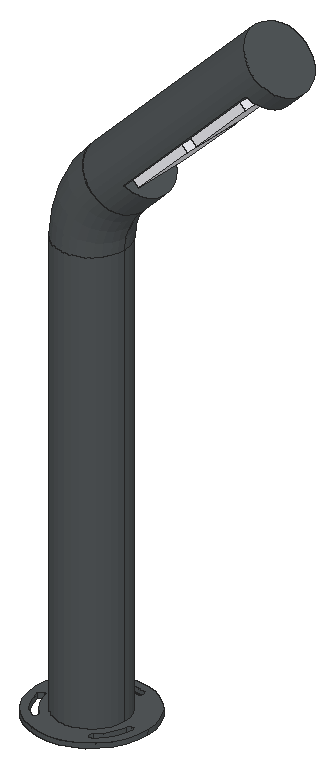
Revit family "Дио_мини", category Осветительные приборы, Revit 2019 (continued)
Parameters (values of type "ДТУ932 Светодиодный светильник Дио мини ДТУ-93-AF-12Вт-0,9")
    .4 406.4 408.2 409.5 410.7 411.8 412.1 411.6 410.4 408.7 407.2 404.8 401.8 398.5 395.4\r\n 392.1 388.8 385.6 382.0 377.8 372.6 366.9 361.1 355.4 348.8 341.9 334.3 327.0 320.3 313.9 306.9 298.5 288.1 275.5 261.2 249.0\r\n 237.1 224.4 210.5 196.2 181.5 164.2 146.0 127.6 109.0 91.7 75.9 62.0 49.7 40.4 33.2 27.9 24.5 21.8 19.5 17.7 15.9 14.5 13.2 11.8\r\n 10.3 9.2 8.5 8.0 7.4 6.7 6.1 5.8 5.5 5.0 4.7 4.3 4.0 3.8 3.6 3.3 3.0 2.9 2.9 2.9 2.9 2.9 2.9 2.9 2.9 2.9 2.9 2.9 2.9 2.5 0.2 0.0\r\n 0.0 0.0 0.0 0.0 0.0 0.0 0.0 0.0 0.0 0.0 0.0 0.0 0.0 0.0 0.0 0.0 0.0 0.0 0.0 0.0 0.0 0.0 0.0 0.0 0.0 0.0 0.0 0.0 0.0 0.0 0.0 0.0\r\n 0.0 0.0 0.0 0.0 0.0 0.0 0.0 0.0 0.0 0.0 0.0 0.0 0.0 0.0 0.0 0.0 0.0 0.0 0.0 0.0 0.0 0.0 0.0 0.0 0.0 0.0 0.0 0.0 0.0 0.0 0.0 0.0\r\n 0.0 0.0 0.0 0.0 0.0 0.0 0.0 0.0 0.0 0.0 0.0 0.0 0.0 0.0 0.0 0.0 0.0 0.0 0.0 0.0 0.0 0.0 0.0 0.0 0.0 0.0 0.0 0.0 0.0 0.0 0.0 0.0\r\n 0.0 0.0 0.0 0.0 0.0 0.0 0.0 0.0 0.0 0.0 0.0 0.0 0.0 0.0 0.0 0.0 0.0 0.0 0.0 0.0 0.0 0.0 0.0 0.0 0.0 0.0 0.0 0.0 0.0 0.0 0.0 0.0\r\n 0.0 0.0 0.0 0.0 0.0 0.0 0.0 0.0 0.0 0.0 0.0 0.0 0.0 0.0 0.0 0.0 0.0 0.0 0.0 0.0 0.0 0.0 0.0 0.0 0.0 0.0 0.0 0.0 0.0 0.0\r\n258.3 258.5 258.5 258.5 258.6 258.6 258.7 258.7 258.6 258.6 258.5 258.3 258.3 258.2 258.1 258.0 257.9 257.8 257.6 257.4 257.3\r\n 257.2 257.1 257.1 257.1 257.0 257.0 256.9 256.9 257.0 257.0 257.0 256.9 257.0 257.2 257.4 257.6 258.0 258.2 258.5 259.0 259.4\r\n 259.8 260.4 261.0 261.8 262.4 263.1 263.7 264.5 265.2 265.8 266.5 267.3 268.2 269.1 270.1 270.9 271.7 272.6 273.6 274.6 275.7\r\n 276.8 278.0 279.2 280.5 281.9 283.3 284.8 286.3 287.8 289.3 290.8 292.5 294.1 295.7 297.3 298.8 300.6 302.3 304.3 306.4 308.8\r\n 311.6 314.8 318.2 321.5 324.4 327.3 329.5 331.5 333.2 334.7 336.3 338.0 340.1 342.6 345.1 347.7 350.3 353.0 355.6 358.3 361.0\r\n 363.7 366.1 368.4 370.3 372.1 373.4 374.5 375.3 375.7 376.2 377.1 378.1 379.1 379.5 379.2 378.2 377.0 375.7 374.0 371.8 369.3\r\n 366.6 364.0 361.4 358.4 354.9 350.3 344.8 338.8 333.5 328.6 323.1 316.9 310.2 304.0 297.3 289.7 280.8 270.1 257.5 245.8 235.6\r\n 225.3 214.0 201.1 186.4 170.0 152.4 133.6 115.0 98.3 81.8 65.6 52.3 41.5 32.9 26.5 21.9 18.7 16.5 14.8 13.4 12.3 11.4 10.4 9.4\r\n 8.5 7.8 7.4 7.1 6.6 6.2 5.8 5.5 5.2 4.9 4.6 4.3 4.1 3.9 3.7 3.4 3.1 3.0 3.0 3.0 3.0 3.0 3.0 3.0 3.1 3.1 3.0 3.0 3.0 2.4 0.5 0.0\r\n 0.0 0.0 0.0 0.0 0.0 0.0 0.0 0.0 0.0 0.0 0.0 0.0 0.0 0.0 0.0 0.0 0.0 0.0 0.0 0.0 0.0 0.0 0.0 0.0 0.0 0.0 0.0 0.0 0.0 0.0 0.0 0.0\r\n 0.0 0.0 0.0 0.0 0.0 0.0 0.0 0.0 0.0 0.0 0.0 0.0 0.0 0.0 0.0 0.0 0.0 0.0 0.0 0.0 0.0 0.0 0.0 0.0 0.0 0.0 0.0 0.0 0.0 0.0 0.0 0.0\r\n 0.0 0.0 0.0 0.0 0.0 0.0 0.0 0.0 0.0 0.0 0.0 0.0 0.0 0.0 0.0 0.0 0.0 0.0 0.0 0.0 0.0 0.0 0.0 0.0 0.0 0.0 0.0 0.0 0.0 0.0 0.0 0.0\r\n 0.0 0.0 0.0 0.0 0.0 0.0 0.0 0.0 0.0 0.0 0.0 0.0 0.0 0.0 0.0 0.0 0.0 0.0 0.0 0.0 0.0 0.0 0.0 0.0 0.0 0.0 0.0 0.0 0.0 0.0 0.0 0.0\r\n 0.0 0.0 0.0 0.0 0.0 0.0 0.0 0.0 0.0 0.0 0.0 0.0 0.0 0.0 0.0 0.0 0.0 0.0 0.0 0.0 0.0 0.0 0.0 0.0 0.0 0.0 0.0 0.0 0.0 0.0\r\n258.3 258.2 258.1 258.0 257.8 257.7 257.7 257.4 257.2 257.1 256.7 256.5 256.3 256.0 255.7 255.4 255.1 254.8 254.4 254.1 253.8\r\n 253.6 253.2 252.9 252.8 252.5 252.2 252.1 251.9 252.0 251.6 251.4 251.2 251.0 250.9 250.9 250.9 251.0 251.1 251.3 251.4 251.8\r\n 252.0 252.4 252.8 253.4 253.9 254.2 254.7 255.2 255.7 256.3 256.9 257.5 258.1 258.7 259.5 260.1 260.8 261.4 262.1 262.8 263.5\r\n 264.5 265.2 265.9 266.8 267.9 268.8 269.8 270.8 271.8 273.0 274.1 275.4 276.7 278.0 279.4 281.0 282.3 283.6 285.2 286.7 288.3\r\n 290.5 293.4 296.6 299.5 301.9 304.1 306.1 307.5 308.5 309.2 310.1 311.0 312.3 313.9 315.5 317.5 319.5 321.6 323.8 326.2 328.5\r\n 331.0 333.2 335.6 338.0 340.2 341.8 342.8 343.1 343.3 343.2 342.9 343.2 343.6 344.1 344.2 343.6 342.8 341.7 340.6 338.9 336.7\r\n 334.6 332.4 330.5 328.1 325.5 321.9 317.2 311.0 305.0 300.5 295.7 290.2 285.0 279.0 272.1 264.4 256.3 247.0 235.6 223.3 213.2\r\n 204.1 195.2 186.1 173.3 159.5 144.1 127.6 111.5 94.5 77.4 60.5 46.1 35.1 27.3 21.8 18.0 15.5 13.9 12.7 11.7 10.7 10.1 9.4 8.6 7.7\r\n 7.3 6.9 6.7 6.3 5.8 5.4 5.1 4.8 4.6 4.4 4.3 4.1 4.0 4.0 3.6 3.3 3.1 3.1 3.1 3.1 3.1 3.1 3.2 3.2 3.2 3.2 3.3 3.4 3.3 0.0 0.0 0.0\r\n 0.0 0.0 0.0 0.0 0.0 0.0 0.0 0.0 0.0 0.0 0.0 0.0 0.0 0.0 0.0 0.0 0.0 0.0 0.0 0.0 0.0 0.0 0.0 0.0 0.0 0.0 0.0 0.0 0.0 0.0 0.0 0.0\r\n 0.0 0.0 0.0 0.0 0.0 0.0 0.0 0.0 0.0 0.0 0.0 0.0 0.0 0.0 0.0 0.0 0.0 0.0 0.0 0.0 0.0 0.0 0.0 0.0 0.0 0.0 0.0 0.0 0.0 0.0 0.0 0.0\r\n 0.0 0.0 0.0 0.0 0.0 0.0 0.0 0.0 0.0 0.0 0.0 0.0 0.0 0.0 0.0 0.0 0.0 0.0 0.0 0.0 0.0 0.0 0.0 0.0 0.0 0.0 0.0 0.0 0.0 0.0 0.0 0.0\r\n 0.0 0.0 0.0 0.0 0.0 0.0 0.0 0.0 0.0 0.0 0.0 0.0 0.0 0.0 0.0 0.0 0.0 0.0 0.0 0.0 0.0 0.0 0.0 0.0 0.0 0.0 0.0 0.0 0.0 0.0 0.0 0.0\r\n 0.0 0.0 0.0 0.0 0.0 0.0 0.0 0.0 0.0 0.0 0.0 0.0 0.0 0.0 0.0 0.0 0.0 0.0 0.0 0.0 0.0 0.0 0.0 0.0 0.0 0.0 0.0 0.0 0.0\r\n258.3 258.1 257.8 257.5 257.2 257.0 256.7 256.3 255.8 255.5 255.0 254.6 254.2 253.8 253.4 252.9 252.4 251.9 251.4 250.9 250.3\r\n 249.9 249.5 249.0 248.6 248.2 247.7 247.2 246.8 246.4 246.0 245.6 245.0 244.6 244.3 244.0 243.8 243.8 243.4 243.3 243.2 243.2\r\n 243.3 243.5 243.7 243.9 244.0 244.1 244.3 244.5 244.8 245.0 245.3 245.5 245.6 245.7 245.9 246.2 246.4 246.7 247.0 247.3 247.7\r\n 248.2 248.7 249.2 249.8 250.6 251.3 252.0 252.7 253.6 254.4 255.3 256.3 257.2 258.1 259.1 260.2 261.4 262.9 264.3 265.5 266.7\r\n 268.2 270.5 273.4 276.0 277.8 279.5 281.0 282.4 283.3 283.9 284.4 285.0 285.8 287.1 288.5 290.0 291.5 293.3 295.2 297.0 299.0\r\n 300.9 303.0 305.1 307.3 309.4 311.3 312.9 314.4 315.4 315.9 316.2 316.5 316.6 316.5 316.4 316.4 316.2 315.8 315.1 314.3 312.7\r\n 310.7 308.5 306.3 304.2 302.3 300.4 296.9 292.3 287.1 281.7 277.1 273.0 268.7 264.3 258.6 251.7 243.8 235.5 225.9 214.6 202.9\r\n 192.7 184.1 175.3 164.5 151.3 136.6 120.8 105.0 88.5 71.9 56.9 44.7 35.1 27.7 22.1 18.1 15.3 13.4 12.1 11.2 10.5 9.9 9.3 8.6 8.0\r\n 7.5 7.2 6.8 6.4 5.9 5.5 5.2 5.0 4.8 4.5 4.3 4.1 3.9 3.9 3.6 3.4 3.2 3.2 3.2 3.2 3.2 3.2 3.2 3.3 3.4 3.5 3.6 3.8 3.1 0.6 0.0 0.0\r\n 0.0 0.0 0.0 0.0 0.0 0.0 0.0 0.0 0.0 0.0 0.0 0.0 0.0 0.0 0.0 0.0 0.0 0.0 0.0 0.0 0.0 0.0 0.0 0.0 0.0 0.0 0.0 0.0 0.0 0.0 0.0 0.0\r\n 0.0 0.0 0.0 0.0 0.0 0.0 0.0 0.0 0.0 0.0 0.0 0.0 0.0 0.0 0.0 0.0 0.0 0.0 0.0 0.0 0.0 0.0 0.0 0.0 0.0 0.0 0.0 0.0 0.0 0.0 0.0 0.0\r\n 0.0 0.0 0.0 0.0 0.0 0.0 0.0 0.0 0.0 0.0 0.0 0.0 0.0 0.0 0.0 0.0 0.0 0.0 0.0 0.0 0.0 0.0 0.0 0.0 0.0 0.0 0.0 0.0 0.0 0.0 0.0 0.0\r\n 0.0 0.0 0.0 0.0 0.0 0.0 0.0 0.0 0.0 0.0 0.0 0.0 0.0 0.0 0.0 0.0 0.0 0.0 0.0 0.0 0.0 0.0 0.0 0.0 0.0 0.0 0.0 0.0 0.0 0.0 0.0 0.0\r\n 0.0 0.0 0.0 0.0 0.0 0.0 0.0 0.0 0.0 0.0 0.0 0.0 0.0 0.0 0.0 0.0 0.0 0.0 0.0 0.0 0.0 0.0 0.0 0.0 0.0 0.0 0.0 0.0 0.0\r\n258.3 258.0 257.6 257.1 256.6 256.1 255.7 255.2 254.6 254.1 253.4 252.9 252.3 251.6 251.1 250.4 249.7 249.0 248.3 247.5 246.8\r\n 246.2 245.6 244.9 244.2 243.5 242.9 242.2 241.5 240.8 240.2 239.6 239.0 238.4 237.8 237.2 236.5 235.9 235.5 235.0 234.5 234.0\r\n 233.5 233.2 232.9 232.7 232.5 232.3 232.2 232.2 232.2 232.3 232.4 232.4 232.4 232.5 232.4 232.6 232.6 232.7 232.9 233.0 233.2\r\n 233.4 233.8 234.3 234.7 235.2 235.9 236.6 237.4 238.3 239.2 240.1 241.0 242.0 243.1 244.1 245.1 246.3 247.5 248.8 250.1 251.4\r\n 252.6 254.1 256.1 258.6 260.7 262.1 263.2 264.4 265.3 265.8 266.0 266.2 266.8 267.5 268.4 269.5 270.5 271.7 273.2 274.6 276.2\r\n 277.7 279.5 281.2 282.9 284.7 286.5 288.1 289.6 290.8 291.9 292.8 293.6 294.2 294.9 295.0 294.9 294.9 294.9 294.7 293.9 292.8\r\n 291.2 289.4 287.1 284.8 282.8 281.2 279.5 277.1 273.8 269.6 265.1 260.7 256.4 252.2 248.5 244.2 238.7 231.9 224.3 216.5 206.2\r\n 195.9 185.2 174.1 164.0 153.8 140.8 125.9 110.6 96.1 81.4 67.1 54.5 44.1 35.9 29.0 23.1 18.8 15.6 13.2 11.7 10.6 10.0 9.4 8.7 8.1\r\n 7.7 7.1 6.7 6.3 5.8 5.4 5.1 4.8 4.6 4.4 4.2 3.9 3.8 3.7 3.5 3.3 3.3 3.2 3.2 3.2 3.2 3.2 3.3 3.4 3.5 3.6 3.8 4.0 3.6 0.3 0.0 0.0\r\n 0.0 0.0 0.0 0.0 0.0 0.0 0.0 0.0 0.0 0.0 0.0 0.0 0.0 0.0 0.0 0.0 0.0 0.0 0.0 0.0 0.0 0.0 0.0 0.0 0.0 0.0 0.0 0.0 0.0 0.0 0.0 0.0\r\n 0.0 0.0 0.0 0.0 0.0 0.0 0.0 0.0 0.0 0.0 0.0 0.0 0.0 0.0 0.0 0.0 0.0 0.0 0.0 0.0 0.0 0.0 0.0 0.0 0.0 0.0 0.0 0.0 0.0 0.0 0.0 0.0\r\n 0.0 0.0 0.0 0.0 0.0 0.0 0.0 0.0 0.0 0.0 0.0 0.0 0.0 0.0 0.0 0.0 0.0 0.0 0.0 0.0 0.0 0.0 0.0 0.0 0.0 0.0 0.0 0.0 0.0 0.0 0.0 0.0\r\n 0.0 0.0 0.0 0.0 0.0 0.0 0.0 0.0 0.0 0.0 0.0 0.0 0.0 0.0 0.0 0.0 0.0 0.0 0.0 0.0 0.0 0.0 0.0 0.0 0.0 0.0 0.0 0.0 0.0 0.0 0.0 0.0\r\n 0.0 0.0 0.0 0.0 0.0 0.0 0.0 0.0 0.0 0.0 0.0 0.0 0.0 0.0 0.0 0.0 0.0 0.0 0.0 0.0 0.0 0.0 0.0 0.0 0.0 0.0 0.0 0.0 0.0\r\n258.3 258.0 257.3 256.7 256.0 255.4 254.8 254.2 253.4 252.7 251.9 251.1 250.2 249.5 248.7 247.9 247.0 246.2 245.4 244.4 243.5\r\n 242.7 241.8 240.9 240.1 239.1 238.2 237.3 236.2 235.2 234.3 233.2 232.2 231.0 230.1 229.2 228.2 227.3 226.5 225.6 224.8 224.1\r\n 223.6 222.9 222.4 222.1 221.9 221.7 221.4 221.4 221.2 221.1 221.3 221.3 221.3 221.5 221.7 221.7 221.9 222.1 222.3 222.5 222.8\r\n 222.9 223.3 223.6 224.0 224.4 224.9 225.5 226.2 226.9 227.5 228.1 228.9 229.5 230.3 230.9 231.7 232.5 233.2 234.0 235.0 236.0\r\n 236.9 237.9 239.1 240.8 242.9 244.2 245.1 245.7 246.4 246.7 246.9 246.6 246.6 246.7 247.0 247.5 248.2 249.0 249.9 251.0 251.9\r\n 253.0 254.3 255.3 256.5 257.7 258.9 260.0 261.2 262.2 263.1 263.8 264.7 265.1 265.6 265.9 266.1 266.3 266.5 266.5 266.2 265.8\r\n 265.3 264.3 262.5 260.1 257.7 255.4 253.1 251.3 248.9 245.9 242.2 238.0 233.1 228.1 223.1 218.4 214.1 209.8 203.8 197.2 189.9\r\n 182.8 174.8 165.6 155.0 144.6 135.1 125.7 114.5 102.2 89.3 76.4 63.0 51.4 42.6 36.2 31.0 26.5 22.0 18.1 14.8 12.6 11.0 9.9 9.1\r\n 8.5 7.9 7.3 6.8 6.3 5.8 5.3 5.0 4.7 4.4 4.2 3.9 3.8 3.6 3.5 3.3 3.1 3.1 3.1 3.1 3.1 3.1 3.1 3.2 3.3 3.4 3.5 3.7 3.9 3.6 0.6 0.0\r\n 0.0 0.0 0.0 0.0 0.0 0.0 0.0 0.0 0.0 0.0 0.0 0.0 0.0 0.0 0.0 0.0 0.0 0.0 0.0 0.0 0.0 0.0 0.0 0.0 0.0 0.0 0.0 0.0 0.0 0.0 0.0 0.0\r\n 0.0 0.0 0.0 0.0 0.0 0.0 0.0 0.0 0.0 0.0 0.0 0.0 0.0 0.0 0.0 0.0 0.0 0.0 0.0 0.0 0.0 0.0 0.0 0.0 0.0 0.0 0.0 0.0 0.0 0.0 0.0 0.0\r\n 0.0 0.0 0.0 0.0 0.0 0.0 0.0 0.0 0.0 0.0 0.0 0.0 0.0 0.0 0.0 0.0 0.0 0.0 0.0 0.0 0.0 0.0 0.0 0.0 0.0 0.0 0.0 0.0 0.0 0.0 0.0 0.0\r\n 0.0 0.0 0.0 0.0 0.0 0.0 0.0 0.0 0.0 0.0 0.0 0.0 0.0 0.0 0.0 0.0 0.0 0.0 0.0 0.0 0.0 0.0 0.0 0.0 0.0 0.0 0.0 0.0 0.0 0.0 0.0 0.0\r\n 0.0 0.0 0.0 0.0 0.0 0.0 0.0 0.0 0.0 0.0 0.0 0.0 0.0 0.0 0.0 0.0 0.0 0.0 0.0 0.0 0.0 0.0 0.0 0.0 0.0 0.0 0.0 0.0 0.0 0.0\r\n258.3 257.9 257.1 256.3 255.5 254.8 254.0 253.1 252.2 251.3 250.3 249.4 248.5 247.4 246.5 245.7 244.6 243.7 242.6 241.4 240.4\r\n 239.2 238.1 236.9 235.7 234.4 233.1 231.7 230.3 229.1 227.7 226.5 225.2 224.1 222.9 221.9 220.9 219.8 218.9 217.9 216.9 216.0\r\n 214.9 214.3 213.8 213.3 213.2 212.8 212.8 212.7 212.7 212.7 212.8 212.9 213.0 213.0 213.0 213.1 213.1 213.2 213.1 213.0 212.9\r\n 212.8 212.7 212.5 212.5 212.1 212.1 211.9 212.0 211.9 212.0 212.1 212.4 212.4 212.7 212.8 213.1 213.2 213.5 213.7 214.1 214.1\r\n 214.5 214.9 215.3 216.0 216.9 218.5 219.7 220.4 220.8 220.8 220.9 220.8 220.3 219.8 219.3 218.8 218.6 218.5 218.5 218.4 218.7\r\n 219.2 219.6 220.1 220.6 221.1 221.6 222.2 222.8 223.4 224.1 224.8 225.3 225.7 226.2 226.4 226.2 225.8 225.6 225.5 225.4 225.5\r\n 225.3 225.0 224.8 224.5 223.7 222.4 220.9 219.1 216.7 214.1 211.4 208.5 204.9 200.8 196.6 192.2 187.2 181.9 177.0 172.0 166.2\r\n 159.2 152.3 145.4 138.6 131.9 123.1 114.0 105.3 96.8 86.9 77.1 67.3 58.6 50.5 44.1 38.4 33.3 29.1 25.7 22.8 20.2 17.4 14.6 12.2\r\n 10.5 9.5 8.6 7.8 7.2 6.5 5.9 5.4 4.9 4.6 4.2 3.9 3.7 3.5 3.4 3.2 3.0 3.0 3.0 2.9 3.0 3.0 3.0 3.0 3.1 3.2 3.3 3.5 3.6 3.1 0.1 0.0\r\n 0.0 0.0 0.0 0.0 0.0 0.0 0.0 0.0 0.0 0.0 0.0 0.0 0.0 0.0 0.0 0.0 0.0 0.0 0.0 0.0 0.0 0.0 0.0 0.0 0.0 0.0 0.0 0.0 0.0 0.0 0.0 0.0\r\n 0.0 0.0 0.0 0.0 0.0 0.0 0.0 0.0 0.0 0.0 0.0 0.0 0.0 0.0 0.0 0.0 0.0 0.0 0.0 0.0 0.0 0.0 0.0 0.0 0.0 0.0 0.0 0.0 0.0 0.0 0.0 0.0\r\n 0.0 0.0 0.0 0.0 0.0 0.0 0.0 0.0 0.0 0.0 0.0 0.0 0.0 0.0 0.0 0.0 0.0 0.0 0.0 0.0 0.0 0.0 0.0 0.0 0.0 0.0 0.0 0.0 0.0 0.0 0.0 0.0\r\n 0.0 0.0 0.0 0.0 0.0 0.0 0.0 0.0 0.0 0.0 0.0 0.0 0.0 0.0 0.0 0.0 0.0 0.0 0.0 0.0 0.0 0.0 0.0 0.0 0.0 0.0 0.0 0.0 0.0 0.0 0.0 0.0\r\n 0.0 0.0 0.0 0.0 0.0 0.0 0.0 0.0 0.0 0.0 0.0 0.0 0.0 0.0 0.0 0.0 0.0 0.0 0.0 0.0 0.0 0.0 0.0 0.0 0.0 0.0 0.0 0.0 0.0 0.0\r\n258.3 257.9 256.8 255.9 255.0 254.2 253.1 252.1 251.1 250.0 248.9 247.7 246.6 245.6 244.4 243.4 242.2 241.0 239.6 238.2 236.7\r\n 235.3 233.7 232.1 230.5 228.9 227.4 225.9 224.5 223.0 221.7 220.3 219.1 217.8 216.4 215.3 214.1 213.2 212.4 211.4 210.8 210.1\r\n 209.4 208.7 208.1 207.5 206.9 206.4 205.9 205.4 205.0 204.6 204.1 203.6 203.1 202.6 202.1 201.7 201.0 200.7 200.0 199.5 198.6\r\n 197.9 197.1 196.5 195.6 194.9 194.2 193.3 192.4 191.6 190.9 189.9 189.2 188.6 188.0 187.4 186.8 186.4 186.0 185.7 185.5 185.2\r\n 184.9 184.6 184.4 183.9 183.6 183.7 184.1 184.6 184.9 184.4 183.7 183.3 182.8 182.1 181.1 180.1 179.1 178.3 177.7 177.1 176.6\r\n 176.4 175.9 175.7 175.6 175.4 175.3 175.4 175.5 175.7 175.8 176.0 176.3 176.4 176.6 176.9 177.0 177.1 177.1 177.0 176.8 176.4\r\n 176.5 176.6 176.9 177.4 177.6 177.8 177.8 177.7 177.9 177.7 176.9 175.7 173.4 170.5 167.2 163.1 158.2 153.0 147.8 142.7 137.5\r\n 132.1 125.7 118.5 111.4 105.3 99.4 93.3 86.1 78.0 70.0 63.1 57.3 52.3 47.7 43.5 40.2 37.5 35.0 32.5 29.9 27.1 24.1 21.1 18.4 16.1\r\n 14.2 12.6 11.1 9.8 8.8 7.8 7.1 6.6 6.1 5.5 4.9 4.4 4.0 3.6 3.2 2.9 2.8 2.8 2.8 2.8 2.8 2.8 2.8 2.8 3.0 3.1 3.3 3.3 2.8 0.3 0.0\r\n 0.0 0.0 0.0 0.0 0.0 0.0 0.0 0.0 0.0 0.0 0.0 0.0 0.0 0.0 0.0 0.0 0.0 0.0 0.0 0.0 0.0 0.0 0.0 0.0 0.0 0.0 0.0 0.0 0.0 0.0 0.0 0.0\r\n 0.0 0.0 0.0 0.0 0.0 0.0 0.0 0.0 0.0 0.0 0.0 0.0 0.0 0.0 0.0 0.0 0.0 0.0 0.0 0.0 0.0 0.0 0.0 0.0 0.0 0.0 0.0 0.0 0.0 0.0 0.0 0.0\r\n 0.0 0.0 0.0 0.0 0.0 0.0 0.0 0.0 0.0 0.0 0.0 0.0 0.0 0.0 0.0 0.0 0.0 0.0 0.0 0.0 0.0 0.0 0.0 0.0 0.0 0.0 0.0 0.0 0.0 0.0 0.0 0.0\r\n 0.0 0.0 0.0 0.0 0.0 0.0 0.0 0.0 0.0 0.0 0.0 0.0 0.0 0.0 0.0 0.0 0.0 0.0 0.0 0.0 0.0 0.0 0.0 0.0 0.0 0.0 0.0 0.0 0.0 0.0 0.0 0.0\r\n 0.0 0.0 0.0 0.0 0.0 0.0 0.0 0.0 0.0 0.0 0.0 0.0 0.0 0.0 0.0 0.0 0.0 0.0 0.0 0.0 0.0 0.0 0.0 0.0 0.0 0.0 0.0 0.0 0.0 0.0\r\n258.3 257.9 256.7 255.6 254.6 253.6 252.3 251.2 250.0 248.8 247.6 246.3 245.1 243.8 242.7 241.3 240.0 238.2 236.6 234.8 233.0\r\n 231.0 229.2 227.5 225.8 224.1 222.5 221.1 219.5 218.1 216.6 215.1 213.9 212.8 211.8 210.9 210.1 209.1 208.2 207.4 206.4 205.5\r\n 204.5 203.3 202.4 201.3 200.2 199.0 197.9 196.7 195.5 194.4 193.1 191.8 190.4 189.1 187.8 186.3 184.9 183.5 182.1 180.8 179.4\r\n 178.0 176.6 175.2 173.9 172.5 171.0 169.6 168.1 166.8 165.4 164.1 162.8 161.7 160.7 159.6 158.7 157.9 157.2 156.7 156.1 155.6\r\n 155.0 154.3 153.5 152.6 151.4 150.3 149.1 148.1 147.5 147.1 146.3 145.3 144.1 143.1 142.4 141.6 140.5 139.4 138.4 137.4 136.6\r\n 136.0 135.3 134.8 134.4 134.1 133.7 133.3 133.1 132.6 132.1 131.8 131.6 131.6 131.6 131.6 131.5 131.3 131.3 131.1 131.2 131.2\r\n 130.9 131.1 131.1 131.2 131.5 131.7 132.3 132.6 133.1 133.3 133.3 133.1 132.9 132.5 131.6 130.1 128.1 125.3 122.2 118.2 113.8\r\n 108.7 103.7 98.7 94.1 89.2 82.8 75.6 68.9 63.3 59.0 55.4 52.1 48.7 45.7 43.3 41.1 38.8 36.8 34.7 32.5 30.1 27.9 25.9 24.1 22.2\r\n 20.5 18.8 17.0 15.2 13.3 11.6 10.1 8.7 7.4 6.3 5.6 4.9 4.3 3.8 3.3 3.0 2.9 2.8 2.8 2.8 2.7 2.7 2.7 2.7 2.8 3.0 3.2 3.1 2.4 0.3\r\n 0.0 0.0 0.0 0.0 0.0 0.0 0.0 0.0 0.0 0.0 0.0 0.0 0.0 0.0 0.0 0.0 0.0 0.0 0.0 0.0 0.0 0.0 0.0 0.0 0.0 0.0 0.0 0.0 0.0 0.0 0.0 0.0\r\n 0.0 0.0 0.0 0.0 0.0 0.0 0.0 0.0 0.0 0.0 0.0 0.0 0.0 0.0 0.0 0.0 0.0 0.0 0.0 0.0 0.0 0.0 0.0 0.0 0.0 0.0 0.0 0.0 0.0 0.0 0.0 0.0\r\n 0.0 0.0 0.0 0.0 0.0 0.0 0.0 0.0 0.0 0.0 0.0 0.0 0.0 0.0 0.0 0.0 0.0 0.0 0.0 0.0 0.0 0.0 0.0 0.0 0.0 0.0 0.0 0.0 0.0 0.0 0.0 0.0\r\n 0.0 0.0 0.0 0.0 0.0 0.0 0.0 0.0 0.0 0.0 0.0 0.0 0.0 0.0 0.0 0.0 0.0 0.0 0.0 0.0 0.0 0.0 0.0 0.0 0.0 0.0 0.0 0.0 0.0 0.0 0.0 0.0\r\n 0.0 0.0 0.0 0.0 0.0 0.0 0.0 0.0 0.0 0.0 0.0 0.0 0.0 0.0 0.0 0.0 0.0 0.0 0.0 0.0 0.0 0.0 0.0 0.0 0.0 0.0 0.0 0.0 0.0 0.0 0.0\r\n258.3 257.9 256.6 255.4 254.2 252.9 251.7 250.3 249.0 247.6 246.4 245.0 243.6 242.1 240.6 238.9 237.1 235.2 233.1 231.0 229.1\r\n 227.0 225.0 223.3 221.6 219.9 218.3 216.7 215.3 214.0 212.9 211.7 210.6 209.6 208.4 207.2 206.1 204.9 203.6 202.3 200.8 199.4\r\n 197.8 196.2 194.4 192.6 190.8 188.8 186.7 184.7 182.7 180.5 178.4 176.2 174.1 172.0 169.7 167.5 165.3 163.3 161.2 159.2 157.0\r\n 155.2 153.3 151.4 149.7 148.1 146.6 145.1 143.8 142.5 141.3 140.1 139.0 137.7 136.5 135.1 133.7 132.5 131.4 130.4 129.1 128.0
